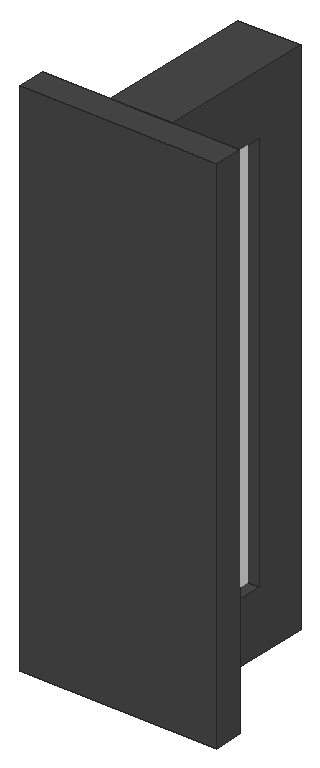
Revit family "3-774-xx - Taurus Wall Sconce", category Luminarias, Revit 2021
Family settings
  Anfitrión = Muro
  Cota de conector redondo = Diámetro de uso
  Tipo de pieza = Normal
  Número OmniClass = 23.80.70.00
  Título OmniClass = Lighting
  Siempre vertical = Sí
  Corte con vacíos al cargar = No
  Origen de luz = Sí
  Compartido = No
  Punto de cálculo de habitación = No
Parameters (values of type "3-774-15 / Black - Clear Bubble Glass")
  Ángulo de inclinación = 90.00°
  Elevación por defecto = 0 mm
  Comentarios de vataje = "1 x 10.0 W at 120 V"  # constant formula
  Wattage = 10.19 W
  built-in parameter 1150110 = 1 (stored number, unit not read)
  Voltage Input = "120 V or 277 V - 50/60 Hz"  # constant formula
  Voltage = 120 V
  URL = "www.oxygenlighting.com"
  built-in parameter 1114217 = 1 (stored number, unit not read)
  built-in parameter 1150109 = 1 (stored number, unit not read)
  built-in parameter 1150134 = (empty or 0)
  built-in parameter 1150113 = 1 (stored number, unit not read)
  References = "Ref. 3 = 120 V / Ref. 37 = 277 V"  # constant formula
  Modelo = "3-774-xx / Taurus Wall Sconce"  # constant formula
  Metal Finish = 15 - Black
  Fabricante = "Oxygen Lighting and Fans"  # constant formula
  Lumens = 190.553 lm
  built-in parameter 1150115 = 1 (stored number, unit not read)
  built-in parameter 1150105 = 15.164 (stored number, unit not read)
  built-in parameter 1150137 = (empty or 0)
  built-in parameter 1150139 = (empty or 0)
  built-in parameter 1150112 = 1 (stored number, unit not read)
  built-in parameter 1150114 = 1 (stored number, unit not read)
  Lámpara = "LED Array"  # constant formula
  built-in parameter 1150132 = (empty or 0)
  built-in parameter 1150102 = (empty or 0)
  built-in parameter 1150138 = (empty or 0)
  built-in parameter 1150107 = 3000 (stored number, unit not read)
  built-in parameter 1150106 = 0.15164 (stored number, unit not read)
  built-in parameter 1150104 = 1.7373 (stored number, unit not read)
  Dimming Lamp Color Temperature Shift = (empty or 0)
  Diffuser = Clear Bubble Glass
  Color Filter = 16777215
  built-in parameter 1114218 = 1 (stored number, unit not read)
  Archivo de red fotométrica = "3-774-15 Taurus 18 Sconce.ies"
  built-in parameter 1150133 = 10 (stored number, unit not read)
Reference planes
  plane 1: y = 0
  plane 2 "Light Source Axis (L/R)": x = 125
  plane 3 "Light Source Axis (F/R)": y = 150
  plane 4 "Light Source Elevation": z = 1280
  plane 5: y = 75
Text (mm)
  text "Placement side" at (-1787.139, 1116.779, 0), in view "Ref. Level"
  text "Placement side" at (0, 2110.396, 2986.058), in view "Left"
  text "Placement side" at (0, 628.478, 3011.967), in view "Right"
Dimensions and locks
  locked: plane 4 "Light Source Elevation" to nested 1 at 159
  aligned and locked: plane 1 to host wall
  aligned and locked: plane 5 to host wall
  aligned and locked: nested 1 to plane 5
  aligned and locked: plane 2 "Light Source Axis (L/R)" to nested 1
  aligned and locked: plane 3 "Light Source Axis (F/R)" to imposter light
Nested families
  nested 1: "Family2" at (125, 75, 1210), type "Family2"
Connectors
  electrical at (125, 75, 1210), driven by "Voltage"
    settings: on nested 1, index 1, voltage 120 V, apparent load 0 VA, apparent load phase1 0 VA, apparent load phase2 0 VA, apparent load phase3 0 VA, power factor 1, load classification "Other", number of poles 1, system type 31, power factor state 1, is connector primary yes, connector utility no, sub classification motor no, connector description ""
Definition of nested family "Family2"
  Parameters (values of type "Family2")
    Metal Finish = none
    Default Elevation = 0 mm
    Diffuser = none
  Reference planes
    plane 1 "Center (Front/Back)": y = 0
    plane 2: z = 0
    plane 3 "Center (Left/Right)": x = 0
  Forms (mm)
    Extrusion 1, solid, material <- "Metal Finish"
      sketch origin (0, 0, 0) x (0, 1, 0) y (0, 0, 1)
        loop
          line (0, 229) -> (0, -229) -> (25, -229) -> (25, 229) -> (0, 229)
      from -86 to 86
    Extrusion 2, solid, material <- "Metal Finish"
      sketch origin (0, 0, 0) x (0, 1, 0) y (0, 0, 1)
        loop
          line (25, 229) -> (25, 176) -> (120, 176) -> (120, -176) -> (25, -176) -> (25, -229) -> (164.5, -229) -> (164.5, 229) -> (25, 229)
      from -27.5 to 27.5
    Extrusion 3, solid, material <- "Diffuser"
      sketch origin (0, 0, 0) x (1, 0, 0) y (0, 0, 1)
        loop
          arc (17.16, 198.89) -> (16.574, 200.304) -> (15.16, 200.89) r 2
          line (15.16, 200.89) -> (-15.043, 200.89)
          arc (-15.043, 200.89) -> (-16.457, 200.304) -> (-17.043, 198.89) r 2
          line (-17.043, 198.89) -> (-17.043, -198.859)
          arc (-17.043, -198.859) -> (-16.457, -200.273) -> (-15.043, -200.859) r 2
          line (-15.043, -200.859) -> (15.16, -200.859)
          arc (15.16, -200.859) -> (16.574, -200.273) -> (17.16, -198.859) r 2
          line (17.16, -198.859) -> (17.16, 198.89)
      from -172 to -20
    Extrusion 4, void
      sketch origin (0, 0, 0) x (1, 0, 0) y (0, 0, 1)
        loop
          line (17.44, -199.128) -> (17.44, 199.81)
          arc (17.44, 199.81) -> (16.854, 201.224) -> (15.44, 201.81) r 2
          line (15.44, 201.81) -> (-14.763, 201.81)
          arc (-14.763, 201.81) -> (-16.177, 201.224) -> (-16.763, 199.81) r 2
          line (-16.763, 199.81) -> (-16.763, -199.128)
          arc (-16.763, -199.128) -> (-16.177, -200.542) -> (-14.763, -201.128) r 2
          line (-14.763, -201.128) -> (15.44, -201.128)
          arc (15.44, -201.128) -> (16.854, -200.542) -> (17.44, -199.128) r 2
      from -164.5 to -6.23
  Cuts and joins
    Extrusion 4 cuts Extrusion 1
    Extrusion 4 cuts Extrusion 2
  Dimensions and locks
    aligned and locked: level to plane 2
